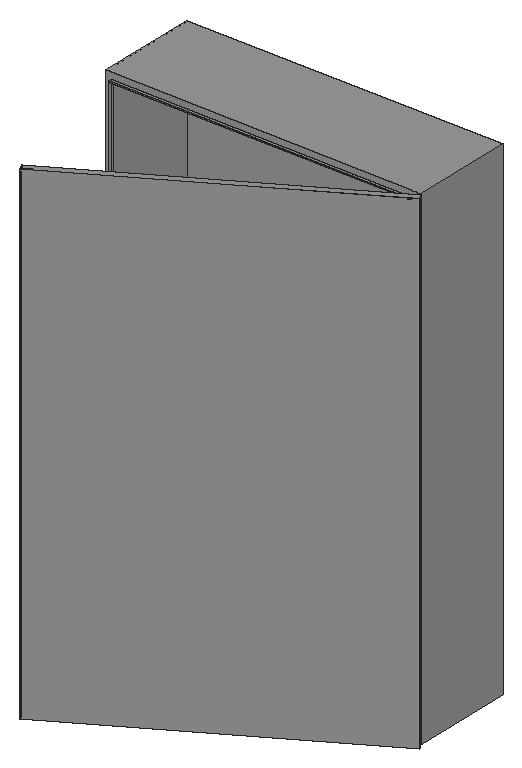
Revit family "Hager-Univers-IP55-D275-H1250-Cl.I-Steel_encl-NoHosted-CH-it", category Electrical Equipment, Revit 2020
Family settings
  Panel Configuration = Two Columns, Circuits Across
  Round Connector Dimension = Use Diameter
  Part Type = Panelboard
  Work Plane-Based = Yes
  Always vertical = Yes
  Cut with Voids When Loaded = No
  Shared = No
  Room Calculation Point = No
Parameters (values of type "A parete IP55 L800 A1250 P275  - FR83E")
  Width Control [instance] = if([EF000008 - Larghezza] > Min Width, [EF000008 - Larghezza], Min Width)  # 800 mm
  Type Comments = [HG000003 - Gamma]  # "Univers"
  Thickness Door [instance] = if([EF009171 - spessore materiale porta/coperchio] > 3 mm, 3 mm, [EF009171 - spessore materiale porta/coperchio])  # 1.5 mm
  Seal Frame Offset [instance] = 17 mm  # constant formula
  Plinth Visibility [instance] = [HG000027 - Altezza dello zoccolo] > 0 mm  # no
  Min Width [instance] = 100 mm  # constant formula
  Min Depth [instance] = (2 * [EF009170 - spessore materiale scatola]) + 1 mm  # 4 mm
  Min Height [instance] = 100 mm  # constant formula
  Internal Frame Depth [instance] = (Door System Depth * 0.5)  # 9 mm
  Panel Name [instance] = ""  # (empty or 0)
  Model = ""
  HG000027 - Altezza dello zoccolo = 0 mm
  HG000026 - A pavimento = no
  HG000024 - Altezza della sezione inferiore = 600 mm
  HG000023 - Custodia a doppia sezione = no
  HG000016 - Visibilità delle porte nella vista 3D [instance] = yes
  HG000015 - Visibilità attraverso la porta [instance] = no
  HG000014 - Porta destra [instance] = yes
  HG000013 - Porta sinistra [instance] = not([HG000014 - Porta destra])  # no
  HG000012 - Angolo di apertura della porta [instance] = 30.00°
  HG000010 - Porte asimmetriche = no
  HG000009 - Porta doppia a battente = no
  HG000006 - Ad incasso = no
  HG000004 - Codice produttore = "FR83E"
  HG000003 - Gamma = "Univers"
  HG000002 - Con porta = yes
  Frame Offset Bottom [instance] = 10 mm  # constant formula
  Frame Offset [instance] = 15 mm  # constant formula
  EF015940 - Coprire con rilascio di sovrapressione = no
  EF011959 - tipo di protezione (NEMA) = ""
  EF009554 - numero delle aperture per la piastra della flangia = 6
  EF009212 - esecuzione coperchio = "EV000116 - chiuso"
  EF009171 - spessore materiale porta/coperchio = 1.5 mm
  EF009170 - spessore materiale scatola = 1.5 mm
  EF008873 - corrente nominale (In) = 800 A
  EF007800 - adatto per parafulmine = no
  EF006306 - con serratura = no
  EF006244 - coperchio/porta trasparente = no
  EF005474 - grado di protezione (IP) = "EV006420 - IP55"
  EF004464 - tipo di porta = "EV002646 - singolo"
  EF004427 - numero di moduli = 288
  EF004293 - resistenza agli urti = "EV008784 - IK10"
  EF003532 - adatto per uso esterno = no
  EF002950 - Numero moduli DIN = 24
  EF001613 - Integrità del circuito = "EV000494 - senza"
  EF001596 - Attacco Lampada = "EV000179 - acciaio"
  EF001131 - profondità interna = 275 mm
  EF001088 - possibilità di applicazione = yes
  EF000437 - numero di ingressi per conduttori = 6
  EF000339 - tipo di copertura = "EV004216 - porta"
  EF000266 - numero di file = 8
  EF000218 - profondità di incasso = 0 mm
  EF000118 - con piastra di montaggio = no
  EF000116 - numero RAL = "7035"
  EF000049 - profondità = 275 mm
  EF000040 - Altezza = 1250 mm
  EF000008 - Larghezza = 800 mm
  EF000007 - colore = "EV000270 - grigio"
  EF000003 - Tipo di montaggio = "EV000384 - A parete"
  Door System Leaf Tolerance [instance] = 1.5 mm  # constant formula
  Door System Depth [instance] = 18 mm  # constant formula
  Door Height [instance] = Height Control - [HG000027 - Altezza dello zoccolo]  # 1250 mm
  Description = ""
  Default Elevation = 1219.2 mm
  Connector Offset [instance] = Height Control / 2  # 625 mm
  Manufacturer = "Hager"  # constant formula
  Height Control [instance] = if([EF000040 - Altezza] > Min Height, [EF000040 - Altezza], Min Height)  # 1250 mm
  Depth Control [instance] = if([EF000049 - profondità] > Min Depth, [EF000049 - profondità], Min Depth)  # 275 mm
  Bottom Top Plate Trim [instance] = 1.5 mm  # constant formula
  Plinth height Ctrl [instance] = if([HG000027 - Altezza dello zoccolo] > 0 mm, [HG000027 - Altezza dello zoccolo], 12 mm)  # 12 mm
Types (5, lengths in mm): name | Width Control | HG000010 - Porte asimmetriche | HG000009 - Porta doppia a battente | HG000004 - Codice produttore | EF009554 - numero delle aperture per la piastra della flangia | EF004464 - tipo di porta | EF004427 - numero di moduli | EF000437 - numero di ingressi per conduttori | EF000008 - Larghezza
  A parete IP55 L1050 A1250 P275  - FR84E | 1050 | no | yes | "FR84E" | 8 | "EV003602 - doppio" | 384 | 8 | 1050
  A parete IP55 L1300 A1250 P275  - FR85E | 1300 | yes | yes | "FR85E" | 10 | "EV003602 - doppio" | 480 | 10 | 1300
  A parete IP55 L300 A1250 P275  - FR81E | 300 | no | no | "FR81E" | 2 | "EV002646 - singolo" | 96 | 2 | 300
  A parete IP55 L550 A1250 P275  - FR82E | 550 | no | no | "FR82E" | 4 | "EV002646 - singolo" | 192 | 4 | 550
  A parete IP55 L800 A1250 P275  - FR83E | 800 | no | no | "FR83E" | 6 | "EV002646 - singolo" | 288 | 6 | 800
Reference planes
  plane 1 "Center (Front/Back)": y = 0
  plane 2: z = 0
  plane 3 "Center (Left/Right)": x = 0
  plane 4: y = 0
  plane 5: y = 0
  plane 6: z = 0
  plane 7: x = -400
  plane 8: x = 400
  plane 9: x = 398.5
  plane 10: x = -398.5
  plane 11: z = 0
  plane 12: z = 1.5
  plane 13: y = -275
  plane 14: y = -1.5
  plane 15: x = 0
  plane 16: y = -257
  plane 17: y = -273.5
  plane 18: y = -255.5
  plane 19: x = -383.5
  plane 20: x = 383.5
  plane 21: z = 11.5
  plane 22: x = -383
  plane 23: x = 383
  plane 24: z = 0
  plane 25: z = 1250
  plane 26: z = 1250
  plane 27: z = 1233.5
  plane 28: z = 1248.5
Forms (mm)
  Extrusion 1, solid, material "Hager_Steel_RAL7035_Light_Grey", detail levels medium+fine
    sketch origin (-208.679, -4572, 0) x (-1, 0, 0) y (0, -1, 0)
      loop
        line (191.321, -4315) -> (-608.679, -4315) -> (-608.679, -4572) -> (191.321, -4572) -> (191.321, -4315)
    from 0 to 1250
  Extrusion 2, void
    sketch origin (-350.771, -275, 1219.2) x (1, 0, 0) y (0, 0, 1)
      loop
        line (-47.729, 29.3) -> (-47.729, -1217.7) -> (749.271, -1217.7) -> (749.271, 29.3) -> (-47.729, 29.3)
    from -19.5 to -273.5
  Extrusion 3, void
    sketch origin (-290.084, -257, 1219.2) x (1, 0, 0) y (0, 0, 1)
      loop
        line (-93.416, -1207.7) -> (673.584, -1207.7) -> (673.584, 14.3) -> (-93.416, 14.3) -> (-93.416, -1207.7)
    from 0 to -1.5
  Extrusion 4, solid, material "Hager_Steel_RAL7035_Light_Grey", visible <- "Plinth Visibility", detail levels medium+fine
    sketch origin (0, 0, 0) x (1, 0, 0) y (0, 1, 0)
      loop
        line (-400, 0) -> (-400, -257) -> (400, -257) -> (400, 0) -> (-400, 0)
    from 0 to 12 <- "Plinth height Ctrl"
  Extrusion 5, solid, material "Hager_Steel_RAL7035_Light_Grey", detail levels coarse
    sketch origin (0, 0, 0) x (1, 0, 0) y (0, 1, 0)
      loop
        line (-400, 0) -> (-400, -275) -> (400, -275) -> (400, 0) -> (-400, 0)
    from 0 to 1250 <- "Height Control"
  Sweep 6, void
    path in 3D
      loop
        line (-400, -257, 12) -> (400, -257, 12) -> (400, 0, 12) -> (-400, 0, 12) -> (-400, -257, 12)
    profile origin (-400, -128.5, 12) x (1, 0, 0) y (0, 0, 1)
      loop
        line (0, 0) -> (0, -1.5) -> (1.5, -1.5)
        arc (1.5, -1.5) -> (1.061, -0.439) -> (0, 0) r 1.5
  Extrusion 7, solid, material "Hager_Steel_RAL7035_Light_Grey", detail levels fine
    sketch origin (-400, -257, 0) x (1, 0, 0) y (0, 0, 1)
      loop
        line (16.5, 11.5) -> (783.5, 11.5) -> (783.5, 1233.5) -> (16.5, 1233.5) -> (16.5, 11.5)
      loop
        line (15, 10) -> (785, 10) -> (785, 1235) -> (15, 1235) -> (15, 10)
    from 0 to 9 <- "Internal Frame Depth"
Cuts and joins
  Extrusion 2, Extrusion 3 cuts Extrusion 1
  Sweep 6 cuts Extrusion 4
Lines and regions (mm)
  Masking region 1
    outline origin (0, 0, 0) x (1, 0, 0) y (0, 1, 0)
      loop
        line (-400, 0) -> (-400, -275) -> (400, -275) -> (400, 0) -> (-400, 0)
  Masking region 2, detail levels coarse
    outline origin (-290.084, -257, 1219.2) x (-1, 0, 0) y (0, 0, 1)
      loop
        line (-690.084, -1219.2) -> (109.916, -1219.2) -> (109.916, 30.8) -> (-690.084, 30.8) -> (-690.084, -1219.2)
  Masking region 3, detail levels coarse
    outline origin (0, 0, 0) x (0, 1, 0) y (0, 0, 1)
      loop
        line (0, 0) -> (0, 1250) -> (-275, 1250) -> (-275, 0) -> (0, 0)
  Masking region 4, visible <- "Plinth Visibility", detail levels medium+fine
    outline origin (0, 0, 0) x (0, 1, 0) y (0, 0, 1)
      loop
        line (-1.5, 12) -> (-255.5, 12)
        arc (-255.5, 12) -> (-255.939, 10.939) -> (-257, 10.5) r 1.5
        line (-257, 10.5) -> (-257, 0) -> (0, 0) -> (0, 10.5)
        arc (0, 10.5) -> (-1.061, 10.939) -> (-1.5, 12) r 1.5
  Masking region 5, detail levels medium+fine
    outline origin (0, 0, 594.038) x (0, 1, 0) y (0, 0, 1)
      loop
        line (0, -594.038) -> (0, 655.962) -> (-257, 655.962) -> (-257, -594.038) -> (0, -594.038)
  Masking region 6, detail levels medium+fine
    outline origin (-359.7, -257, 1211.883) x (-1, 0, 0) y (0, 0, 1)
      loop
        line (-759.7, -1211.883) -> (40.3, -1211.883) -> (40.3, 38.117) -> (-759.7, 38.117) -> (-759.7, -1211.883)
  Masking region 7, visible <- "Plinth Visibility", detail levels medium+fine
    outline origin (-320.334, -257, 1041.368) x (-1, 0, 0) y (0, 0, 1)
      loop
        line (-720.334, -1041.368) -> (79.666, -1041.368) -> (79.666, -1030.868)
        arc (79.666, -1030.868) -> (78.606, -1030.429) -> (78.166, -1029.368) r 1.5
        line (78.166, -1029.368) -> (-718.834, -1029.368)
        arc (-718.834, -1029.368) -> (-719.273, -1030.429) -> (-720.334, -1030.868) r 1.5
        line (-720.334, -1030.868) -> (-720.334, -1041.368)
  sketch lines
    curve 1: line (-400, 0, 12) -> (-400, -257, 12)
    curve 2: line (-400, -257, 12) -> (400, -257, 12)
    curve 3: line (400, 0, 12) -> (-400, 0, 12)
    curve 4: line (400, -257, 12) -> (400, 0, 12)
Dimensions and locks
  locked: plane 1 "Center (Front/Back)" to plane 5
  "EF009170 - spessore materiale scatola": plane 7 to plane 10
  "EF009170 - spessore materiale scatola": plane 8 to plane 9
  equal spacing: plane 7, plane 3 "Center (Left/Right)", plane 8
  "Width Control": plane 7 to plane 8
  "Depth Control": plane 4 to plane 13
  "EF009170 - spessore materiale scatola": plane 4 to plane 14
  "Height Control": plane 25 to level
  "HG000027 - Altezza dello zoccolo": plane 11 to level
  "EF009170 - spessore materiale scatola": plane 12 to plane 11
  "EF009170 - spessore materiale scatola": plane 17 to plane 13
  "EF009170 - spessore materiale scatola": plane 18 to plane 16
  "Frame Offset Bottom": plane 21 to plane 12
  "Frame Offset": plane 10 to plane 19
  "Frame Offset": plane 9 to plane 20
  "Door System Depth": plane 16 to plane 13
  "Seal Frame Offset": plane 7 to plane 22
  "Seal Frame Offset": plane 8 to plane 23
  "EF009170 - spessore materiale scatola": plane 26 to plane 28
  "Frame Offset": plane 28 to plane 27
  "Connector Offset": plane 2 to connector elem
  "Bottom Top Plate Trim": profile plane to Sweep 6 sketch curve
  "Bottom Top Plate Trim": Sweep 6 sketch curve to Sweep 6 sketch curve
  "Plinth height Ctrl": Masking region 4 sketch curve to level
  "Plinth height Ctrl": Masking region 7 sketch curve to level
  "Thickness Door": Extrusion 7 sketch curve to Extrusion 7 sketch curve  (x4)
  "Bottom Top Plate Trim": radius of Sweep 6 sketch curve
  "Bottom Top Plate Trim": radius of Masking region 4 sketch curve  (x2)
  "Bottom Top Plate Trim": radius of Masking region 7 sketch curve  (x2)
  aligned and locked: Extrusion 2 sketch curve to plane 12
  aligned and locked: Extrusion 2 sketch curve to plane 9
  aligned and locked: Extrusion 2 sketch curve to plane 10
  aligned and locked: Extrusion 2 to plane 14
  aligned and locked: Extrusion 1 sketch curve to plane 4
  aligned and locked: plane 8 to Extrusion 1 sketch curve
  aligned and locked: plane 7 to Extrusion 1 sketch curve
  aligned and locked: Extrusion 2 to plane 18
  aligned and locked: Extrusion 3 sketch curve to plane 19
  aligned and locked: plane 20 to Extrusion 3 sketch curve
  aligned and locked: Extrusion 3 to Extrusion 2
  aligned and locked: Extrusion 3 sketch curve to plane 21
  aligned and locked: plane 3 "Center (Left/Right)" to nested 1
  aligned and locked: Extrusion 1 sketch curve to plane 16
  aligned and locked: Extrusion 4 sketch curve to cut or joined group of Extrusion 1, Extrusion 2, Extrusion 3
  aligned and locked: Masking region 1 sketch curve to plane 7
  aligned and locked: Masking region 1 sketch curve to plane 5
  aligned and locked: Masking region 1 sketch curve to plane 8
  aligned and locked: Masking region 2 sketch curve to level
  aligned and locked: level to Masking region 3 sketch curve
  aligned and locked: plane 1 "Center (Front/Back)" to Masking region 3 sketch curve
  aligned and locked: plane 13 to Masking region 3 sketch curve
  aligned and locked: plane 5 to Masking region 4 sketch curve
  aligned and locked: Masking region 2 sketch curve to plane 8
  aligned and locked: Masking region 2 sketch curve to plane 7
  aligned and locked: plane 7 to nested 2
  aligned and locked: nested 2 to plane 5
  aligned and locked: plane 5 to Masking region 5 sketch curve
  aligned and locked: plane 26 to Masking region 5 sketch curve
  aligned and locked: Extrusion 5 sketch curve to plane 8
  aligned and locked: Extrusion 5 sketch curve to plane 7
  aligned and locked: Extrusion 5 sketch curve to plane 5
  aligned and locked: Extrusion 3 sketch curve to plane 27
  aligned and locked: Extrusion 2 sketch curve to plane 28
  aligned and locked: Masking region 2 to plane 25
  aligned and locked: Extrusion 4 to plane 16
  aligned and locked: profile plane to Sweep 6 sketch curve
  aligned and locked: Masking region 5 sketch curve to plane 24
  aligned and locked: level to Masking region 4 sketch curve
  aligned and locked: Masking region 1 to plane 13
  aligned and locked: nested 1 to plane 16
  aligned and locked: Masking region 3 to plane 25
  aligned and locked: plane 16 to Masking region 4 sketch curve
  aligned and locked: Masking region 5 sketch curve to plane 16
  aligned and locked: plane 24 to plane 11
  aligned and locked: plane 26 to plane 25
  aligned and locked: plane 26 to cut or joined group of Extrusion 1, Extrusion 2, Extrusion 3
  aligned and locked: nested 1 to plane 24
  aligned and locked: Extrusion 1 to Extrusion 3
  aligned and locked: Masking region 6 sketch curve to plane 8
  aligned and locked: Masking region 6 sketch curve to plane 24
  aligned and locked: Masking region 6 sketch curve to plane 7
  aligned and locked: Masking region 6 sketch curve to plane 26
  aligned and locked: Masking region 7 sketch curve to plane 7
  aligned and locked: level to Masking region 7 sketch curve
  aligned and locked: Masking region 7 sketch curve to plane 8
  aligned and locked: Extrusion 7 sketch curve to cut or joined group of Extrusion 1, Extrusion 2, Extrusion 3  (x4)
Automatic sketch dimensions
  plane 19 to Extrusion 3 sketch curve = 0 mm
  Extrusion 3 sketch curve to plane 20 = 0 mm
  Extrusion 3 sketch curve to plane 21 = 0 mm
  Extrusion 4 sketch curve to plane 7 = 0 mm
  Extrusion 4 sketch curve to plane 8 = 0 mm
  Extrusion 4 sketch curve to plane 16 = 0 mm
  Masking region 1 sketch curve to plane 13 = 0 mm
  Masking region 2 sketch curve to plane 25 = 0 mm
  Masking region 3 sketch curve to plane 25 = 0 mm
  Extrusion 5 sketch curve to plane 13 = 0 mm
  profile plane to Sweep 6 sketch curve = 0 mm
Nested families
  nested 1: "EC000058_Univers_Door" at (0, -257, 0), Double <- "HG000009 - Porta doppia a battente", Transparent <- "EF006244 - coperchio/porta trasparente", Angle <- "HG000012 - Angolo di apertura della porta", Door_Right <- "HG000014 - Porta destra", Assymetrical <- "HG000010 - Porte asimmetriche", Door <- "HG000002 - Con porta", Width_Ctrl <- "Width Control", 3d_Door <- "HG000016 - Visibilità delle porte nella vista 3D", Clearance <- "HG000015 - Visibilità attraverso la porta", Door_Left <- "HG000013 - Porta sinistra", Width <- "Width Control", Door_Depth <- "Door System Depth", Leaf_Tolerance <- "Door System Leaf Tolerance", Height <- "Door Height", Lock_Visibility <- "EF006306 - con serratura", Thickness <- "Thickness Door", type "EC000058_Univers_Door", detail levels medium+fine
    with min_wh 4 mm, Width_Ctrl 800 mm, Width 800 mm, Transparent no, Thickness 1.5 mm, Seal_Material Hager_Rubber, Lock_Visibility no, Lock_Material Hager_Plastic_RAL9005_Jet_Black, Leaf_Width 800 mm, Leaf_Tolerance_External_Sides 0 mm, Leaf_Tolerance 1.5 mm, Leaf_Offset 0 mm, Leaf_Height 1247 mm, Leaf_2_Width 800 mm, Leaf_2_Offset 400 mm, Leaf_1_Width 800 mm, Leaf_1_Offset 400 mm, Height_Ctrl 1250 mm, Height 1250 mm, Glass_Material Hager_Glass, Double_Clearance_Ctrl no, Double no, Door_Right_Ctrl yes, Door_Right yes, Door_Material Hager_Steel_RAL7035_Light_Grey, Door_Left_Ctrl no, Door_Left no, Door_Depth 18 mm, Door yes, Clearance_Material Hager_Clearance, Clearance_Depth 800 mm, Clearance_Ctrl no, Clearance no, Assymetrical no, Angle 30.00°, 3d_Door yes
  nested 2: "Hager_Enclosure_Symbol" at (-400, 0, 0), Height <- "Depth Control", Width <- "Width Control", type "Hager_Enclosure_Symbol"
    with Width_Ctrl 800 mm, Width 800 mm, Height_Ctrl 275 mm, Height 275 mm, A_Width_Int 18.047 mm, A_Width 216.562 mm, A_Height_Ctrl 240.625 mm, A_Height 240.625 mm
Connectors
  electrical at (0, 0, 625)
    settings: on plane 1 "Center (Front/Back)", index 1, voltage 0 V, apparent load 0 VA, apparent load phase1 0 VA, apparent load phase2 0 VA, apparent load phase3 0 VA, power factor 1, load classification "Other", number of poles 1, system type 30, power factor state 1, is connector primary yes, connector utility no, sub classification motor no, connector description ""
Definition of nested family "EC000058_Univers_Door"
  Parameters (values of type "EC000058_Univers_Door")
    min_wh [instance] = (2 * Thickness) + 1 mm  # 11 mm
    Width_Ctrl [instance] = 400 mm
    Width [instance] = 500 mm
    Transparent [instance] = yes
    Thickness [instance] = 5 mm
    Seal_Material [instance] = none
    Lock_Visibility [instance] = yes
    Lock_Material [instance] = none
    Leaf_Width [instance] = if((Width_Ctrl - 2 * Leaf_Tolerance_External_Sides) > 0 mm, (Width_Ctrl - 2 * Leaf_Tolerance_External_Sides), min_wh)  # 400 mm
    Leaf_Tolerance_External_Sides [instance] = 0 mm  # constant formula
    Leaf_Tolerance [instance] = 1.5 mm
    Leaf_Offset [instance] = 0 mm  # constant formula
    Leaf_Height [instance] = if((Height_Ctrl - 2 * Leaf_Tolerance) > 0 mm, (Height_Ctrl - 2 * Leaf_Tolerance), min_wh)  # 497 mm
    Leaf_2_Width [instance] = if(and(and(Double, Assymetrical), Door_Left), (Leaf_Width / 3) - (Leaf_Tolerance / 2), if(and(and(Double, Assymetrical), Door_Right), (Leaf_Width / 3) * 2 - (Leaf_Tolerance / 2), if(and(Double, not(Assymetrical)), (Leaf_Width / 2) - Leaf_Tolerance, Leaf_Width)))  # 400 mm
    Leaf_2_Offset [instance] = if(and(Double, Assymetrical), Leaf_2_Width / 2, if(and(Double, not(Assymetrical)), Leaf_Width / 4, Leaf_Width / 2))  # 200 mm
    Leaf_1_Width [instance] = if(and(and(Double, Assymetrical), Door_Right), (Leaf_Width / 3) - (Leaf_Tolerance / 2), if(and(and(Double, Assymetrical), Door_Left), (Width / 3) * 2 - (Leaf_Tolerance / 2), if(and(Double, not(Assymetrical)), (Leaf_Width / 2) - Leaf_Tolerance, Leaf_Width)))  # 400 mm
    Leaf_1_Offset [instance] = if(and(Double, Assymetrical), Leaf_1_Width / 2, if(and(Double, not(Assymetrical)), Leaf_Width / 4, Leaf_Width / 2))  # 200 mm
    Height_Ctrl [instance] = if(Height > min_wh, Height, min_wh)  # 500 mm
    Height [instance] = 500 mm
    Glass_Material [instance] = none
    Double_Clearance_Ctrl [instance] = and(Double, Clearance)  # no
    Double [instance] = no
    Door_Right_Ctrl [instance] = and(or(Door_Right, Double), Door)  # yes
    Door_Right [instance] = yes
    Door_Material [instance] = none
    Door_Left_Ctrl [instance] = and(or(Door_Left, Double), Door)  # no
    Door_Left [instance] = no
    Door_Depth [instance] = 30 mm
    Door [instance] = yes
    Default Elevation = 1219.2 mm
    Clearance_Material [instance] = none
    Clearance_Depth [instance] = if(Leaf_1_Width > Leaf_2_Width, Leaf_1_Width, Leaf_2_Width)  # 400 mm
    Clearance_Ctrl [instance] = and(not(Double), Clearance)  # yes
    Clearance [instance] = yes
    Assymetrical [instance] = yes
    Angle [instance] = 30.00°
    3d_Door [instance] = yes
  Reference planes
    plane 1 "Center (Front/Back)": y = 0
    plane 2 "Bottom": z = 0
    plane 3 "Center (Left/Right)": x = 0
    plane 4: z = 500
    plane 5: x = -200
    plane 6: x = 200
    plane 7: z = 500
    plane 8: x = -200
    plane 9: z = 0
    plane 10: x = 200
    plane 11: y = 0
    plane 12: z = 1.5
    plane 13: x = -600
    plane 14: y = -400
    plane 15: x = 600
    plane 16: x = 0
    plane 17: x = 0
    plane 18: x = -200
    plane 19: x = 200
    plane 20: z = 498.5
  Forms (mm)
    Extrusion 1, solid, material <- "Clearance_Material", visible <- "Double_Clearance_Ctrl"
      sketch origin (1200, 0, 0) x (1, 0, 0) y (0, 0, -1)
        loop
          line (-1800, -498.5) -> (-600, -498.5) -> (-600, 0) -> (-1800, 0) -> (-1800, -498.5)
      from 0 to -400
  Dimensions and locks
    equal spacing: plane 5, plane 3 "Center (Left/Right)", plane 6
    "Width_Ctrl": plane 5 to plane 6
    "Leaf_Offset": plane 5 to plane 8
    "Leaf_Offset": plane 6 to plane 10
    "Leaf_Offset": plane 9 to level
    "Leaf_Offset": plane 4 to plane 7
    "Height_Ctrl": plane 4 to level
    "Leaf_Tolerance": plane 12 to plane 9
    locked: plane 11 to plane 1 "Center (Front/Back)"
    "Leaf_1_Offset": plane 18 to plane 16
    "Leaf_2_Offset": plane 17 to plane 19
    "Leaf_1_Width": plane 13 to plane 8
    "Leaf_2_Width": plane 10 to plane 15
    "Clearance_Depth": plane 14 to plane 1 "Center (Front/Back)"
    "Leaf_Tolerance_External_Sides": plane 8 to plane 18
    "Leaf_Tolerance_External_Sides": plane 19 to plane 10
    "Leaf_Tolerance": plane 7 to plane 20
    aligned and locked: level to plane 2 "Bottom"
    aligned and locked: nested 1 to plane 16
    aligned and locked: nested 2 to plane 17
    aligned and locked: Extrusion 1 to plane 13
    aligned and locked: plane 15 to Extrusion 1
    aligned and locked: Extrusion 1 to plane 14
    aligned and locked: plane 12 to nested 1
    aligned and locked: nested 2 to plane 12
    aligned and locked: Extrusion 1 to plane 11
    aligned and locked: plane 20 to Extrusion 1
    aligned and locked: nested 2 to plane 11
    aligned and locked: nested 1 to plane 11
  Automatic sketch dimensions
    Extrusion 1 sketch curve to level = 0 mm
    plane 5 to Extrusion 1 sketch curve = 400 mm
    plane 6 to Extrusion 1 sketch curve = 400 mm
    Extrusion 1 sketch curve to plane 4 = 1.5 mm
  Nested families
    nested 1: "EC000058_Univers_Door_Leaf" at (0, 0, 1.5), Width <- "Leaf_1_Width", visible <- "Door_Left_Ctrl", Leaf_Height <- "Leaf_Height", Angle <- "Angle", 3d_Door <- "3d_Door", Transparent <- "Transparent", Clearance Material <- "Clearance_Material", Clearance <- "Clearance_Ctrl", Door_Material <- "Door_Material", Glass_Material <- "Glass_Material", Door_Depth <- "Door_Depth", Lock_Material <- "Lock_Material", Seal_Material <- "Seal_Material", Lock_Visibility <- "Lock_Visibility", Thickness <- "Thickness", type "EC000058_Univers_Door_Leaf"
      with Width 400 mm, Transparent_Glass_Offset 30 mm, Transparent_Ctrl yes, Transparent yes, Thickness 5 mm, Standard no, Seal_Material none, Seal_D2 8 mm, Seal_D1 1 mm, Offset_Internal_Frame 10 mm, Lock_Width 20 mm, Lock_Visibility_3d yes, Lock_Visibility yes, Lock_Thickness_3 3 mm, Lock_Thickness_2 1 mm, Lock_Thickness_1 3 mm, Lock_Radius_Offset_2 16 mm, Lock_Radius_Offset_1 15 mm, Lock_Radius_2 5 mm, Lock_Radius 6 mm, Lock_Offset 5 mm, Lock_Material none, Lock_Height 80 mm, Lock_Cover_Top_Offset_2d 17 mm, Lock_Cover_Height -65 mm, Leaf_Height 497 mm, Internal_Seal_Thickness 8 mm, Internal_Seal_Depth_2 4.5 mm, Internal_Frame_Depth 25 mm, Glass_Thickness -1 mm, Glass_Offset -2 mm, Glass_Material none, Door_Material none, Door_Depth 30 mm, Clearance Material none, Clearance yes, Angle_Ctrl 30.00°, Angle 30.00°, 3d_Door yes
    nested 2: "EC000058_Univers_Door_Leaf" at (0, 0, 1.5) x (-1, 0, 0) z (0, 0, 1), Width <- "Leaf_2_Width", visible <- "Door_Right_Ctrl", Leaf_Height <- "Leaf_Height", Angle <- "Angle", 3d_Door <- "3d_Door", Transparent <- "Transparent", Clearance Material <- "Clearance_Material", Clearance <- "Clearance_Ctrl", Door_Material <- "Door_Material", Glass_Material <- "Glass_Material", Door_Depth <- "Door_Depth", Lock_Material <- "Lock_Material", Seal_Material <- "Seal_Material", Lock_Visibility <- "Lock_Visibility", Thickness <- "Thickness", type "EC000058_Univers_Door_Leaf"
      with Width 400 mm, Transparent_Glass_Offset 30 mm, Transparent_Ctrl yes, Transparent yes, Thickness 5 mm, Standard no, Seal_Material none, Seal_D2 8 mm, Seal_D1 1 mm, Offset_Internal_Frame 10 mm, Lock_Width 20 mm, Lock_Visibility_3d yes, Lock_Visibility yes, Lock_Thickness_3 3 mm, Lock_Thickness_2 1 mm, Lock_Thickness_1 3 mm, Lock_Radius_Offset_2 16 mm, Lock_Radius_Offset_1 15 mm, Lock_Radius_2 5 mm, Lock_Radius 6 mm, Lock_Offset 5 mm, Lock_Material none, Lock_Height 80 mm, Lock_Cover_Top_Offset_2d 17 mm, Lock_Cover_Height -65 mm, Leaf_Height 497 mm, Internal_Seal_Thickness 8 mm, Internal_Seal_Depth_2 4.5 mm, Internal_Frame_Depth 25 mm, Glass_Thickness -1 mm, Glass_Offset -2 mm, Glass_Material none, Door_Material none, Door_Depth 30 mm, Clearance Material none, Clearance yes, Angle_Ctrl 30.00°, Angle 30.00°, 3d_Door yes
  Definition of nested family "EC000058_Univers_Door_Leaf"
    Parameters (values of type "EC000058_Univers_Door_Leaf")
      Width [instance] = 2000 mm
      Transparent_Glass_Offset [instance] = 30 mm
      Transparent_Ctrl [instance] = and(Transparent, [3d_Door])  # yes
      Transparent [instance] = yes
      Thickness [instance] = 5 mm
      Standard [instance] = and(not(Transparent), [3d_Door])  # no
      Seal_Material [instance] = none
      Seal_D2 [instance] = 8 mm  # constant formula
      Seal_D1 [instance] = 1 mm  # constant formula
      Offset_Internal_Frame [instance] = 10 mm  # constant formula
      Lock_Width [instance] = 20 mm  # constant formula
      Lock_Visibility_3d [instance] = and(Lock_Visibility, [3d_Door])  # yes
      Lock_Visibility [instance] = yes
      Lock_Thickness_3 [instance] = 3 mm  # constant formula
      Lock_Thickness_2 [instance] = 1 mm  # constant formula
      Lock_Thickness_1 [instance] = 3 mm  # constant formula
      Lock_Radius_Offset_2 [instance] = Lock_Radius_Offset_1 + 1 mm  # 16 mm
      Lock_Radius_Offset_1 [instance] = 15 mm  # constant formula
      Lock_Radius_2 [instance] = Lock_Radius - 1 mm  # 5 mm
      Lock_Radius [instance] = 6 mm  # constant formula
      Lock_Offset [instance] = 5 mm  # constant formula
      Lock_Material [instance] = none
      Lock_Height [instance] = 80 mm  # constant formula
      Lock_Cover_Top_Offset_2d [instance] = Lock_Radius_Offset_2 + 1 mm  # 17 mm
      Lock_Cover_Height [instance] = -(Lock_Height - Lock_Radius_Offset_1)  # -65 mm
      Leaf_Height [instance] = 2720.336 mm
      Internal_Seal_Thickness [instance] = 8 mm  # constant formula
      Internal_Seal_Depth_2 [instance] = 4.5 mm  # constant formula
      Internal_Frame_Depth [instance] = if(Door_Depth - Thickness > 5 mm, Door_Depth - Thickness, 5 mm)  # 25 mm
      Glass_Thickness [instance] = if(Thickness > 15 mm, Glass_Offset + 10 mm, -1 mm)  # -1 mm
      Glass_Offset [instance] = if(Thickness > 15 mm, -(Thickness + 10 mm) / 2, -2 mm)  # -2 mm
      Glass_Material [instance] = none
      Door_Material [instance] = none
      Door_Depth [instance] = 30 mm
      Default Elevation = 0 mm
      Clearance Material [instance] = none
      Clearance [instance] = yes
      Angle_Ctrl [instance] = if(Angle > 180.00°, 180.00°, Angle)  # 90.00°
      Angle [instance] = 90.00°
      3d_Door [instance] = yes
    Reference planes
      plane 1 "Center (Front/Back)": y = 0
      plane 2: z = 0
      plane 3 "Center (Left/Right)": x = 0
      plane 4: y = 2000
      plane 5: x = -1000
      plane 6: x = 1000
      plane 7: x = -3000
      plane 8: z = 2720.336
      plane 9: z = 30
      plane 10: z = 2690.336
      plane 11: x = 970
      plane 12: x = -970
      plane 13: y = -3
      plane 14: z = 107.833
      plane 15: y = -5
      plane 16: y = -223.314
      plane 17: x = -1000
      plane 18: z = 1360.168
      plane 19: y = 30
    Forms (mm)
      Extrusion 1, solid, material <- "Clearance Material", visible <- "Clearance"
        sketch origin (0, 0, 0) x (1, 0, 0) y (0, 0, 1)
          loop
            line (-3000, 2720.336) -> (-3000, 0) -> (1000, 0) -> (1000, 2720.336) -> (-3000, 2720.336)
        from 0 to -2000
      Extrusion 2, solid, material <- "Door_Material", visible <- "Standard", detail levels medium+fine
        sketch origin (-1000, 0, 0) x (0, 1, 0) y (-1, 0, 0)
          loop
            line (0, 30) -> (0, 25) -> (2000, 25) -> (2000, 30) -> (0, 30)
        from 0 to 2720.336 <- "Leaf_Height"
      Extrusion 3, solid, material <- "Door_Material", visible <- "Transparent_Ctrl", detail levels medium+fine
        sketch origin (-1000, 0, 0) x (0, 1, 0) y (-1, 0, 0)
          loop
            line (0, 25) -> (2000, 25) -> (2000, 30) -> (0, 30) -> (0, 25)
        from 0 to 2720.336 <- "Leaf_Height"
      Extrusion 4, void
        sketch origin (-1025, 2000, 0) x (0, 1, 0) y (0, 0, -1)
          loop
            line (-30, -2690.336) -> (-30, -30) -> (-1970, -30) -> (-1970, -2690.336) -> (-30, -2690.336)
        from 0 to 5 <- "Thickness"
      Sweep 5, solid, material <- "Seal_Material", visible <- "Transparent_Ctrl", detail levels fine
        path in 3D
          loop
            line (-1025, 30, 30) -> (-1025, 30, 2690.336) -> (-1025, 1970, 2690.336) -> (-1025, 1970, 30) -> (-1025, 30, 30)
        profile origin (-1025, 1000, 30) x (1, 0, 0) y (0, 0, 1)
          loop
            line (0, 0) -> (0, -8) -> (1, -8) -> (1, 0) -> (0, 0)
      Extrusion 6, solid, material <- "Glass_Material", visible <- "Transparent_Ctrl", detail levels medium+fine
        sketch origin (-1030, 0, 0) x (0, 1, 0) y (0, 0, -1)
          loop
            line (1970, -2690.336) -> (1970, -30) -> (30, -30) -> (30, -2690.336) -> (1970, -2690.336)
        from -2 <- "Glass_Offset" to -1 <- "Glass_Thickness"
      Extrusion 7, solid, material <- "Door_Material", visible <- "3d_Door", detail levels medium+fine
        sketch origin (-1025, 2000, 0) x (0, -1, 0) y (0, 0, -1)
          loop
            line (0, -2720.336) -> (2000, -2720.336) -> (2000, 0) -> (0, 0) -> (0, -2720.336)
          loop
            line (1995, -5) -> (5, -5) -> (5, -2715.336) -> (1995, -2715.336) -> (1995, -5)
        from 0 to 25 <- "Internal_Frame_Depth"
      Sweep 8, solid, material <- "Seal_Material", visible <- "Transparent_Ctrl", detail levels fine
        path in 3D
          loop
            line (-1025, 0, 0) -> (-1025, 2000, 0) -> (-1025, 2000, 2720.336) -> (-1025, 0, 2720.336) -> (-1025, 0, 0)
        profile origin (-1025, 0, 1360.168) x (1, 0, 0) y (0, 1, 0)
          loop
            line (0, 10) -> (2.975, 10)
            arc (2.975, 10) -> (4.053, 10.447) -> (4.5, 11.525) r 1.525
            line (4.5, 11.525) -> (4.5, 16.527)
            arc (4.5, 16.527) -> (4.069, 17.569) -> (3.027, 18) r 1.473
            line (3.027, 18) -> (0, 18) -> (0, 10)
      Extrusion 9, solid, material <- "Lock_Material", visible <- "Lock_Visibility_3d", detail levels fine
        sketch origin (-1030, 0, 0) x (0, 1, 0) y (0, 0, -1)
          loop
            arc (1993.5, -1400.168) -> (1994.561, -1399.729) -> (1995, -1398.668) r 1.5
            line (1995, -1398.668) -> (1995, -1320.168) -> (1975, -1320.168) -> (1975, -1398.668)
            arc (1975, -1398.668) -> (1975.439, -1399.729) -> (1976.5, -1400.168) r 1.5
            line (1976.5, -1400.168) -> (1993.5, -1400.168)
        from 3 <- "Lock_Thickness_1" to 0
      Blend 10, solid, material <- "Lock_Material", visible <- "Lock_Visibility_3d", detail levels fine
        base sketch origin (-1033, 0, 0) x (0, 1, 0) y (0, 0, -1)
          loop
            line (1975, -1320.168) -> (1975, -1398.668)
            arc (1975, -1398.668) -> (1975.439, -1399.729) -> (1976.5, -1400.168) r 1.5
            line (1976.5, -1400.168) -> (1993.5, -1400.168)
            arc (1993.5, -1400.168) -> (1994.561, -1399.729) -> (1995, -1398.668) r 1.5
            line (1995, -1398.668) -> (1995, -1320.168) -> (1975, -1320.168)
        top sketch origin (-1033, 0, 0) x (0, 1, 0) y (0, 0, -1)
          loop
            line (1976, -1320.168) -> (1976, -1398.668)
            arc (1976, -1398.668) -> (1976.146, -1399.022) -> (1976.5, -1399.168) r 0.5
            line (1976.5, -1399.168) -> (1993.5, -1399.168)
            arc (1993.5, -1399.168) -> (1993.854, -1399.022) -> (1994, -1398.668) r 0.5
            line (1994, -1398.668) -> (1994, -1320.168) -> (1976, -1320.168)
        from 0 to 1 <- "Lock_Thickness_2"
      Blend 11, solid, material <- "Lock_Material", visible <- "Lock_Visibility_3d", detail levels fine
        base sketch origin (-1034, 0, 0) x (0, 1, 0) y (0, 0, -1)
          loop
            line (1978, -1320.168) -> (1978, -1384.168)
            arc (1978, -1384.168) -> (1985, -1391.168) -> (1992, -1384.168) r 7
            line (1992, -1384.168) -> (1992, -1320.168) -> (1978, -1320.168)
        top sketch origin (-1034, 0, 0) x (0, 1, 0) y (0, 0, -1)
          loop
            line (1991, -1320.168) -> (1979, -1320.168) -> (1979, -1383.168)
            arc (1979, -1383.168) -> (1985, -1389.168) -> (1991, -1383.168) r 6
            line (1991, -1383.168) -> (1991, -1320.168)
        from 0 to 3 <- "Lock_Thickness_3"
      Extrusion 12, solid, material <- "Lock_Material", visible <- "Lock_Visibility_3d", detail levels fine
        sketch origin (-1030, 1975, 1320.168) x (1, 0, 0) y (0, -1, 0)
          loop
            line (-7, -19) -> (-7, -1) -> (0, -1) -> (0, 0) -> (-8, 0) -> (-8, -20) -> (0, -20) -> (0, -19) -> (-7, -19)
        from 0 to -65 <- "Lock_Cover_Height"
      Extrusion 13, void
        sketch origin (-1038, 1995, 1320.168) x (-1, 0, 0) y (0, 0, -1)
          loop
            line (-5, -65) -> (0, -65) -> (-5, -60) -> (-5, -65)
        from 0 to 20 <- "Lock_Width"
      Extrusion 14, void
        sketch origin (-1038, 1975, 1320.168) x (0, -1, 0) y (0, 0, -1)
          loop
            circle (-10, -15.995) r 6
          loop
            circle (-10, -15.995) r 5
        from 0 to 2
      Extrusion 15, solid, material <- "Lock_Material", visible <- "Lock_Visibility_3d", detail levels medium
        sketch origin (-1030, 0, 0) x (0, 1, 0) y (0, 0, -1)
          loop
            arc (1993.5, -1400.168) -> (1994.561, -1399.729) -> (1995, -1398.668) r 1.5
            line (1995, -1398.668) -> (1995, -1320.168) -> (1975, -1320.168) -> (1975, -1398.668)
            arc (1975, -1398.668) -> (1975.439, -1399.729) -> (1976.5, -1400.168) r 1.5
            line (1976.5, -1400.168) -> (1993.5, -1400.168)
        from 8 to 0
    Cuts and joins
      Extrusion 4 cuts Extrusion 3
      Extrusion 13, Extrusion 14 cuts Extrusion 9
      Extrusion 14 cuts Blend 11
      Extrusion 13, Extrusion 14 cuts Extrusion 12
      joined: Extrusion 9, Blend 10, Blend 11, Extrusion 12
      Extrusion 14 cuts Extrusion 15
    Lines and regions (mm)
      Masking region 1, visible <- "Lock_Visibility", detail levels fine
        outline origin (0, 0, 0) x (0, 1, 0) y (0, 0, 1)
          loop
            line (30, 1320.168) -> (33, 1320.168) -> (33, 1400.168) -> (30, 1400.168) -> (30, 1320.168)
      Masking region 2, visible <- "Lock_Visibility", detail levels fine
        outline origin (0, 3.143, 0) x (0, 1, 0) y (0, 0, 1)
          loop
            line (29.857, 1354.168) -> (30.857, 1354.168) -> (30.857, 1366.168) -> (29.857, 1366.168) -> (29.857, 1354.168)
      Masking region 3, detail levels medium+fine
        outline origin (0, 0, 0) x (0, 1, 0) y (0, 0, 1)
          loop
            line (0, 0) -> (30, 0) -> (30, 2720.336) -> (0, 2720.336) -> (0, 0)
      Masking region 4, detail levels medium+fine
        outline origin (0, 0, 0) x (1, 0, 0) y (0, 0, 1)
          loop
            line (-1000, 2720.336) -> (-1000, 0) -> (1000, 0) -> (1000, 2720.336) -> (-1000, 2720.336)
      Masking region 5, visible <- "Lock_Visibility", detail levels fine
        outline origin (-47.116, 0, 0) x (1, 0, 0) y (0, 0, 1)
          loop
            arc (1024.616, 1399.168) -> (1023.556, 1398.729) -> (1023.116, 1397.668) r 1.5
            line (1023.116, 1397.668) -> (1023.116, 1320.168) -> (1041.116, 1320.168) -> (1041.116, 1397.668)
            arc (1041.116, 1397.668) -> (1040.677, 1398.729) -> (1039.616, 1399.168) r 1.5
            line (1039.616, 1399.168) -> (1024.616, 1399.168)
      Masking region 6, visible <- "Lock_Visibility", detail levels medium+fine
        outline origin (-25, 0, 0) x (1, 0, 0) y (0, 0, 1)
          loop
            arc (1001.5, 1400.168) -> (1000.439, 1399.729) -> (1000, 1398.668) r 1.5
            line (1000, 1398.668) -> (1000, 1320.168) -> (1020, 1320.168) -> (1020, 1398.668)
            arc (1020, 1398.668) -> (1019.561, 1399.729) -> (1018.5, 1400.168) r 1.5
            line (1018.5, 1400.168) -> (1001.5, 1400.168)
      Masking region 7, visible <- "Lock_Visibility", detail levels fine
        outline origin (-73.735, 0, 0) x (1, 0, 0) y (0, 0, 1)
          loop
            line (1051.735, 1382.168) -> (1065.735, 1382.168) -> (1065.735, 1384.168)
            arc (1065.735, 1384.168) -> (1058.735, 1391.168) -> (1051.735, 1384.168) r 7
            line (1051.735, 1384.168) -> (1051.735, 1382.168)
      Masking region 8, visible <- "Lock_Visibility", detail levels fine
        outline origin (-73.735, 0, 0) x (1, 0, 0) y (0, 0, 1)
          loop
            line (1052.735, 1382.168) -> (1064.735, 1382.168) -> (1064.735, 1383.168)
            arc (1064.735, 1383.168) -> (1058.735, 1389.168) -> (1052.735, 1383.168) r 6
            line (1052.735, 1383.168) -> (1052.735, 1382.168)
      Masking region 9, visible <- "Lock_Visibility", detail levels fine
        outline origin (-25, 0, 0) x (1, 0, 0) y (0, 0, 1)
          loop
            line (1020, 1320.168) -> (1020, 1382.168) -> (1000, 1382.168) -> (1000, 1320.168) -> (1020, 1320.168)
      Masking region 10, detail levels medium+fine
        outline origin (0, 0, 0) x (1, 0, 0) y (0, 0, 1)
          loop
            circle (985, 1335.144) r 6
      Masking region 11, detail levels fine
        outline origin (0, 0, 0) x (1, 0, 0) y (0, 0, 1)
          loop
            circle (985, 1335.144) r 5
      Masking region 12, visible <- "Lock_Visibility", detail levels fine
        outline origin (0, 12.767, 0) x (0, 1, 0) y (0, 0, 1)
          loop
            line (20.233, 1320.168) -> (21.233, 1320.168) -> (21.233, 1399.168) -> (20.233, 1400.168) -> (20.233, 1320.168)
      Masking region 13, visible <- "Lock_Visibility", detail levels fine
        outline origin (0, 13.767, -10) x (0, 1, 0) y (0, 0, 1)
          loop
            line (20.233, 1330.168) -> (23.233, 1330.168) -> (23.233, 1399.168) -> (20.233, 1402.168) -> (20.233, 1330.168)
      Masking region 14, visible <- "Lock_Visibility", detail levels fine
        outline origin (0, 12.767, -10) x (0, 1, 0) y (0, 0, 1)
          loop
            line (20.233, 1330.168) -> (25.233, 1330.168) -> (25.233, 1399.305) -> (20.233, 1394.305) -> (20.233, 1330.168)
      Masking region 15, visible <- "Lock_Visibility", detail levels medium
        outline origin (0, 0, 0) x (0, 1, 0) y (0, 0, 1)
          loop
            line (30, 1320.168) -> (38, 1320.168) -> (38, 1400.168) -> (30, 1400.168) -> (30, 1320.168)
      Masking region 16, visible <- "Lock_Visibility", detail levels fine
        outline origin (-1000, 0, 0) x (0, 1, 0) y (-1, 0, 0)
          loop
            line (1975, 30) -> (1995, 30) -> (1995, 38) -> (1975, 38) -> (1975, 30)
          loop
            line (1979, 37) -> (1976, 37) -> (1976, 34) -> (1978, 34) -> (1979, 37)
          loop
            line (1994, 37) -> (1991, 37) -> (1992, 34) -> (1994, 34) -> (1994, 37)
      Masking region 17, visible <- "Lock_Visibility", detail levels medium
        outline origin (-1000, 0, 0) x (0, 1, 0) y (-1, 0, 0)
          loop
            line (1975, 30) -> (1995, 30) -> (1995, 38) -> (1975, 38) -> (1975, 30)
      symbolic lines
        curve 1: line (1000, 0, 0) -> (-3000, 0, 0)
        curve 2: arc (1000, 0, 0) -> (-1000, 2000, 0) -> (-3000, 0, 0) r 2000
        curve 4: line (-1030, 0, 0) -> (-1030, 2000, 0)
      reference lines
        curve 3: line (-1000, 0, 0) -> (-1000, 2000, 0)
      symbolic lines, detail levels medium+fine
        curve 5: line (-1030, 2000, 0) -> (-1025, 2000, 0)
        curve 7: line (-1025, 0, 0) -> (-1030, 0, 0)
        curve 8: line (-1025, 0, 0) -> (-1000, 0, 0)
        curve 9: line (-1000, 0, 0) -> (-1000, 2000, 0)
        curve 10: line (-1000, 2000, 0) -> (-1025, 2000, 0)
      symbolic lines, detail levels fine
        curve 6: line (-1025, 2000, 0) -> (-1025, 0, 0)
      sketch lines
        curve 11: line (-1025, 0, 2720.336) -> (-1025, 0, 0)
        curve 12: line (-1025, 2000, 0) -> (-1025, 0, 0)
        curve 13: line (-1025, 2000, 2720.336) -> (-1025, 2000, 0)
        curve 14: line (-1025, 0, 2720.336) -> (-1025, 2000, 2720.336)
        curve 15: line (-1025, 1970, 30) -> (-1025, 30, 30)
        curve 16: line (-1025, 30, 30) -> (-1025, 30, 2690.336)
        curve 17: line (-1025, 1970, 2690.336) -> (-1025, 1970, 30)
        curve 18: line (-1025, 30, 2690.336) -> (-1025, 1970, 2690.336)
      symbolic lines, visible <- "Transparent", detail levels medium+fine
        curve 19: line (-970, 0, 2690.336) -> (970, 0, 2690.336)
        curve 20: line (-970, 0, 30) -> (-970, 0, 2690.336)
        curve 21: line (970, 0, 30) -> (-970, 0, 30)
        curve 22: line (970, 0, 2690.336) -> (970, 0, 30)
    Dimensions and locks
      "Width": plane 1 "Center (Front/Back)" to plane 4
      equal spacing: plane 5, plane 3 "Center (Left/Right)", plane 6
      "Width": plane 5 to plane 6
      "Width": plane 7 to plane 5
      "Leaf_Height": plane 8 to level
      "Width": curve 5 to curve 3
      "Width": curve 3 to curve 3
      plane 8 to plane 10 = 30 mm
      plane 9 to level = 30 mm
      plane 12 to plane 5 = 30 mm
      plane 6 to plane 11 = 30 mm
      Extrusion 1 to Extrusion 4 sketch curve = 30 mm
      "Transparent_Glass_Offset": curve 3 to Extrusion 4 sketch curve
      "Transparent_Glass_Offset": Extrusion 4 sketch curve to cut or joined group of Extrusion 3, Extrusion 4  (x2)
      cut or joined group of Extrusion 3, Extrusion 4 to Extrusion 6 sketch curve = 30 mm
      "Transparent_Glass_Offset": cut or joined group of Extrusion 3, Extrusion 4 to Extrusion 4 sketch curve
      "Thickness": curve 6 to curve 4
      "Thickness": Extrusion 7 sketch curve to Extrusion 7 sketch curve  (x4)
      "Door_Depth": curve 4 to curve 3
      "Offset_Internal_Frame": profile plane to Sweep 8 sketch curve
      "Internal_Seal_Thickness": Sweep 8 sketch curve to Sweep 8 sketch curve
      "Internal_Seal_Depth_2": profile plane to Sweep 8 sketch curve
      "Seal_D1": profile plane to Sweep 5 sketch curve
      "Seal_D2": profile plane to Sweep 5 sketch curve
      "Thickness": Extrusion 2 sketch curve to Extrusion 2 sketch curve
      equal spacing: Extrusion 9 sketch curve, plane 18, Extrusion 9 sketch curve  (x2)
      equal spacing: Masking region 1 sketch curve, plane 18, Masking region 1 sketch curve
      "Lock_Height": Masking region 1 sketch curve to Masking region 1 sketch curve
      "Lock_Radius": Masking region 2 sketch curve to plane 18 to Masking region 2 sketch curve
      Masking region 2 sketch curve to Masking region 1 = 1 mm
      "Door_Depth": plane 19 to plane 1 "Center (Front/Back)"
      "Lock_Thickness_1": Masking region 1 sketch curve to plane 19
      "Lock_Width": Extrusion 9 sketch curve to Extrusion 9 sketch curve
      "Lock_Height": Extrusion 9 sketch curve to Extrusion 9 sketch curve
      "Lock_Offset": cut or joined group of Extrusion 3, Extrusion 4 to Extrusion 9 sketch curve
      equal spacing: plane 8, plane 18, level
      "Lock_Radius_Offset_1": Blend 11 sketch curve to Blend 10
      locked: Blend 10 to Blend 11 sketch curve at 2  (x2)
      locked: var sketch to Blend 11 sketch curve at 1  (x2)
      "Lock_Radius_Offset_2": Blend 11 sketch curve to Blend 10
      locked: Extrusion 12 sketch curve to Extrusion 12 sketch curve at 1  (x3)
      Masking region 6 sketch curve to Masking region 6 sketch curve = 80 mm
      "Lock_Height": Masking region 6 sketch curve to Masking region 6 sketch curve
      "Lock_Width": Masking region 6 sketch curve to Masking region 6 sketch curve
      locked: Masking region 6 to Masking region 5 sketch curve at 1  (x3)
      locked: Masking region 5 to Masking region 7 sketch curve at 2  (x2)
      "Lock_Radius_Offset_1": Masking region 5 to Masking region 7 sketch curve
      "Lock_Radius_Offset_2": Masking region 5 to Masking region 8 sketch curve
      locked: Masking region 7 to Masking region 8 sketch curve at 1  (x2)
      "Lock_Cover_Top_Offset_2d": Masking region 5 to Masking region 9 sketch curve
      equal spacing: Masking region 9, Masking region 10 sketch curve, Masking region 9
      equal spacing: Masking region 9, Masking region 11 sketch curve, Masking region 9
      Extrusion 15 sketch curve to Extrusion 15 sketch curve = 80 mm
      "Lock_Width": Extrusion 15 sketch curve to Extrusion 15 sketch curve
      "Lock_Height": Extrusion 15 sketch curve to Extrusion 15 sketch curve
      equal spacing: Extrusion 15 sketch curve, plane 18, Extrusion 15 sketch curve
      "Lock_Thickness_3": Masking region 13 sketch curve to Masking region 13 sketch curve
      "Lock_Height": Masking region 12 sketch curve to Masking region 12 sketch curve
      locked: Masking region 13 sketch curve to Masking region 1 at 8
      locked: Masking region 14 sketch curve to Masking region 13 at 1
      locked: Masking region 14 sketch curve to Masking region 1 at 10.863
      "Lock_Height": Masking region 15 sketch curve to Masking region 15 sketch curve
      "Lock_Offset": Extrusion 15 sketch curve to cut or joined group of Extrusion 3, Extrusion 4
      "Lock_Offset": plane 6 to Masking region 6 sketch curve
      radius of Sweep 8 sketch curve = 1.525 mm
      radius of Sweep 8 sketch curve = 1.473 mm
      radius of Extrusion 9 sketch curve = 1.5 mm  (x2)
      "Lock_Radius": radius of Extrusion 14 sketch curve
      "Lock_Radius_2": radius of Extrusion 14 sketch curve
      "Lock_Radius": radius of Masking region 10 sketch curve
      "Lock_Radius_2": radius of Masking region 11 sketch curve
      radius of Extrusion 15 sketch curve = 1.5 mm  (x2)
      "Angle_Ctrl": angle plane 1 "Center (Front/Back)" to curve 3
      locked: Masking region 12 sketch curve to Masking region 12 sketch curve (angle 45.00°)
      locked: Masking region 13 sketch curve to Masking region 13 sketch curve (angle 45.00°)
      locked: Masking region 14 sketch curve to Masking region 14 sketch curve (angle 45.00°)
      aligned and locked: level to plane 2
      aligned and locked: Extrusion 1 to curve 1
      aligned and locked: plane 6 to Extrusion 1
      aligned and locked: Extrusion 1 to plane 1 "Center (Front/Back)"
      aligned and locked: plane 4 to Extrusion 1
      aligned and locked: plane 8 to Extrusion 1
      aligned and locked: curve 7 to Extrusion 2 sketch curve
      aligned and locked: curve 5 to Extrusion 2 sketch curve
      aligned and locked: curve 7 to Extrusion 3 sketch curve
      aligned and locked: Extrusion 3 sketch curve to curve 4
      aligned and locked: Extrusion 3 sketch curve to curve 6
      aligned and locked: Extrusion 3 sketch curve to curve 5
      aligned and locked: curve 9 to curve 3
      aligned and locked: Extrusion 7 sketch curve to cut or joined group of Extrusion 3, Extrusion 4  (x4)
      aligned and locked: plane 17 to curve 3
      aligned and locked: plane 1 "Center (Front/Back)" to curve 3
      aligned and locked: plane 17 to plane 5
      aligned and locked: Sweep 8 sketch curve to profile plane
      aligned and locked: Sweep 5 sketch curve to profile plane  (x2)
      aligned and locked: Masking region 1 to Masking region 2 sketch curve
      aligned and locked: plane 19 to Masking region 1 sketch curve
      aligned and locked: plane 1 "Center (Front/Back)" to Masking region 3 sketch curve
      aligned and locked: plane 19 to Masking region 3 sketch curve
      aligned and locked: level to Masking region 3 sketch curve
      aligned and locked: Masking region 3 sketch curve to plane 8
      aligned and locked: plane 17 to Masking region 4 sketch curve
      aligned and locked: level to Masking region 4 sketch curve
      aligned and locked: Masking region 4 sketch curve to plane 8
      aligned and locked: plane 12 to curve 20
      aligned and locked: plane 10 to curve 19
      aligned and locked: plane 11 to curve 22
      aligned and locked: curve 21 to plane 9
      aligned and locked: Extrusion 2 sketch curve to cut or joined group of Extrusion 3, Extrusion 4
      aligned and locked: Blend 10 sketch curve to Extrusion 9  (x4)
      aligned and locked: Extrusion 9 to Blend 10 sketch curve
      aligned and locked: Blend 10 to Blend 11 sketch curve
      aligned and locked: Extrusion 12 sketch curve to Blend 11
      aligned and locked: Extrusion 12 sketch curve to Extrusion 9  (x4)
      aligned and locked: Masking region 5 sketch curve to Masking region 6
      aligned and locked: Masking region 9 sketch curve to Masking region 6  (x3)
      aligned and locked: Masking region 12 sketch curve to Masking region 1
      aligned and locked: Masking region 13 sketch curve to Masking region 1
      aligned and locked: Masking region 12 to Masking region 14
      aligned and locked: Masking region 14 sketch curve to Masking region 1
      aligned and locked: Masking region 15 sketch curve to Masking region 14
      aligned and locked: Masking region 13 sketch curve to Masking region 12
      aligned and locked: Masking region 16 sketch curve to cut or joined group of Extrusion 14, Extrusion 15  (x4)
      aligned and locked: Masking region 16 sketch curve to cut or joined group of Extrusion 9, Blend 10, Blend 11, Extrusion 12, Extrusion 13, Extrusion 14  (x6)
      aligned and locked: cut or joined group of Extrusion 9, Blend 10, Blend 11, Extrusion 12, Extrusion 13, Extrusion 14 to Masking region 16 sketch curve
      aligned and locked: Masking region 17 sketch curve to cut or joined group of Extrusion 14, Extrusion 15  (x3)
      aligned and locked: Masking region 17 sketch curve to cut or joined group of Extrusion 9, Blend 10, Blend 11, Extrusion 12, Extrusion 13, Extrusion 14
      aligned and locked: Masking region 9 to Masking region 8 sketch curve
      aligned and locked: Masking region 9 to Masking region 7 sketch curve
    Automatic sketch dimensions
      plane 1 "Center (Front/Back)" to curve 2 = 0 mm
      curve 2 to plane 5 = 0 mm
      Extrusion 1 sketch curve to level = 0 mm
      Extrusion 1 sketch curve to plane 7 = 0 mm
      Extrusion 1 sketch curve to plane 6 = 0 mm
      Extrusion 1 sketch curve to plane 8 = 0 mm
      Extrusion 3 to Extrusion 6 sketch curve = 30 mm  (x4)
      Masking region 4 sketch curve to plane 6 = 0 mm
      Blend 10 sketch curve to Extrusion 9 = 1.5 mm
      Blend 10 sketch curve to Extrusion 9 = 1 mm
      Extrusion 13 sketch curve to Extrusion 12 = 0 mm  (x2)
      Extrusion 12 to Extrusion 13 sketch curve = 3 mm
      Extrusion 13 sketch curve to Extrusion 12 = 5 mm
      Extrusion 14 sketch curve to Extrusion 14 sketch curve = 0 mm  (x2)
      Extrusion 14 sketch curve to Extrusion 12 = 10 mm
      Extrusion 14 sketch curve to Extrusion 12 = 15.995 mm
      Masking region 5 sketch curve to Masking region 5 sketch curve = 1.5 mm  (x2)
      Masking region 10 sketch curve to plane 18 = 25.024 mm
      Masking region 11 sketch curve to plane 18 = 25.024 mm
      plane 19 to Masking region 14 sketch curve = 3 mm
      Masking region 16 sketch curve to Masking region 16 sketch curve = 3 mm
      curve 4 to curve 3 = 0 mm
      Blend 10 to Blend 11 sketch curve = 0 mm
      Masking region 6 sketch curve to Masking region 6 sketch curve = 1.5 mm  (x2)
      Masking region 6 sketch curve to plane 18 = 40 mm
      plane 19 to Masking region 12 sketch curve = 3 mm
      Masking region 12 sketch curve to Masking region 12 sketch curve = 1 mm
      Masking region 15 sketch curve to plane 19 = 0 mm
      Masking region 15 sketch curve to plane 18 = 40 mm
      radius of Blend 10 sketch curve to Extrusion 9 = 1 mm
Definition of nested family "Hager_Enclosure_Symbol"
  Parameters (values of type "Hager_Enclosure_Symbol")
    Width_Ctrl [instance] = if(Width > 1 mm, Width, 1 mm)  # 102.27 mm
    Width [instance] = 102.27 mm
    Height_Ctrl [instance] = if(Height > 1 mm, Height, 1 mm)  # 66.5 mm
    A_Width_Int [instance] = if(A_Width / 12 > 2 mm, A_Width / 12, 2 mm)  # 4.364 mm
    A_Width [instance] = if(A_Height_Ctrl * 0.9 > 2 mm, A_Height_Ctrl * 0.9, 2 mm)  # 52.369 mm
    A_Height_Ctrl [instance] = if(A_Height > 2 mm, A_Height, 2 mm)  # 58.188 mm
    Height [instance] = 66.5 mm
    A_Height [instance] = Height - (Height / 8)  # 58.188 mm
  Reference planes
    plane 1 "Centre (avant/arrière)": y = 0
    plane 2: z = 0
    plane 3 "Centre (gauche/droite)": x = 0
    plane 4: x = 52.369
    plane 5: y = 33.042
    plane 6: y = 41.77
    plane 7: y = 66.5
    plane 8: x = 26.184
    plane 9: y = 37.406
    plane 10: x = 102.27
    plane 11: y = 66.5
    plane 12: y = 8.313
  Lines and regions (mm)
    Filled region 1, type "Solid_Black", in view "Niveau de réf."
      outline origin (0, 0, 0) x (1, 0, 0) y (0, 1, 0)
        loop
          line (52.369, 66.5) -> (33.188, 54.536) -> (45.365, 45.006) -> (52.369, 66.5)
    Filled region 2, type "Solid_Black", in view "Niveau de réf."
      outline origin (0, 0, 0) x (1, 0, 0) y (0, 1, 0)
        loop
          line (0, 0) -> (102.27, 0) -> (102.27, 66.5) -> (0, 0)
    detail lines, in view "Niveau de réf."
      curve 1: line (0, 8.313, 0) -> (26.184, 41.77, 0)
      curve 2: line (26.184, 41.77, 0) -> (26.184, 33.042, 0)
      curve 3: line (26.184, 33.042, 0) -> (52.369, 66.5, 0)
  Dimensions and locks
    "A_Width": plane 3 "Centre (gauche/droite)" to plane 4
    equal spacing: plane 3 "Centre (gauche/droite)", plane 8, plane 4
    equal spacing: plane 6, plane 9, plane 5
    equal spacing: curve 3, Filled region 1 sketch curve, Filled region 1 sketch curve
    "Height_Ctrl": plane 1 "Centre (avant/arrière)" to plane 11
    "A_Height_Ctrl": plane 11 to plane 12
    equal spacing: plane 11, plane 9, plane 12
    "A_Width_Int": plane 6 to plane 9
    "Width_Ctrl": plane 3 "Centre (gauche/droite)" to plane 10
    angle Filled region 1 sketch curve to curve 3 = 20.00°
    angle curve 3 to Filled region 1 sketch curve = 20.00°
    locked: curve 3 to Filled region 1 sketch curve (angle 90.00°)
    aligned and locked: plane 10 to Filled region 2
    aligned and locked: plane 11 to Filled region 2 sketch curve
    aligned and locked: plane 10 to Filled region 2 sketch curve
    aligned and locked: plane 3 "Centre (gauche/droite)" to curve 1
    aligned and locked: plane 12 to curve 1
    aligned and locked: plane 7 to plane 11
  Automatic sketch dimensions
    Filled region 1 sketch curve to plane 4 = 0 mm
    Filled region 1 sketch curve to plane 7 = 0 mm
    plane 1 "Centre (avant/arrière)" to Filled region 2 sketch curve = 0 mm
    Filled region 2 sketch curve to plane 3 "Centre (gauche/droite)" = 0 mm
    curve 2 to plane 6 = 0 mm
    curve 2 to plane 8 = 0 mm
    curve 3 to plane 4 = 0 mm
    curve 2 to plane 5 = 0 mm
    curve 3 to plane 7 = 0 mm
